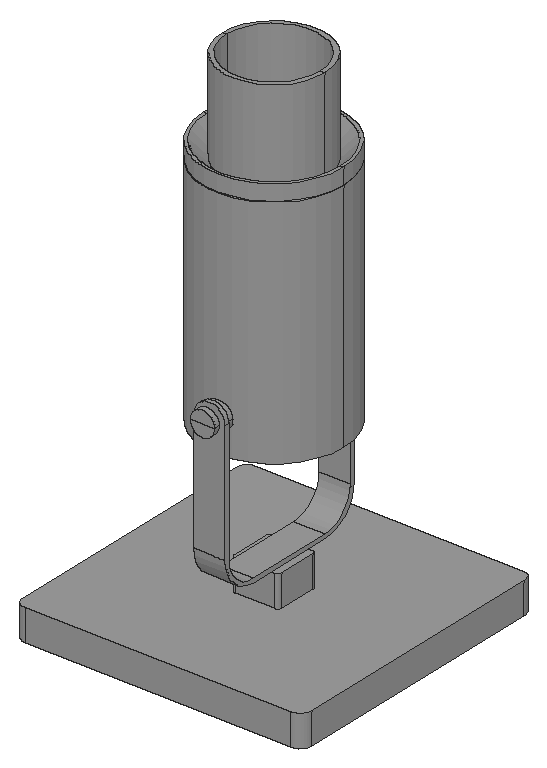
Revit family "Alcon-13340-SM-M-Revit-Family", category Generic Models, host Face, Revit 2023
Family settings
  Host = Face
  Can host rebar = No
  Round Connector Dimension = Use Diameter
  Part Type = Normal
  Cut with Voids When Loaded = No
  Maintain Annotation Orientation = No
  Shared = No
  Room Calculation Point = No
Parameters (values of type "Square Canopy and Snoot")
  URL = "https://www.alconlighting.com/"
  Square Canopy = yes
  Round Canopy = no
  Product Page = "https://www.alconlighting.com/13340-m-sm.html"
  Model = "13340-SM-M"
  Manufacturer = "Alcon Ligthing"
  Snoot = yes
  Louver = no
  Housing = Housing
  Fixture Rotation = 90.00°
  Default Elevation = 4' - 0"
Types (7): name | Square Canopy | Round Canopy | Snoot | Louver
  (no name) | yes | no | yes | no
  Round Canopy | no | yes | no | no
  Square Canopy | yes | no | no | no
  Round Canopy and Louver | no | yes | no | yes
  Round Canopy and Snoot | no | yes | yes | no
  Square Canopy and Louver | yes | no | no | yes
  Square Canopy and Snoot | yes | no | yes | no
Reference planes (in)
  plane 1 "Center (Front/Back)": y = 0
  plane 2: z = 0
  plane 3 "Center (Left/Right)": x = 0
Forms (in)
  Extrusion 1, solid, material "Housing" <- "Housing"
    sketch origin (-0.375, 0, 0.5) x (1, 0, 0) y (0, 1, 0)
      loop
        line (0.0625, -0.375) -> (0.6875, -0.375)
        arc (0.6875, -0.375) -> (0.73169, -0.35669) -> (0.75, -0.3125) r 0.0625
        line (0.75, -0.3125) -> (0.75, 0.3125)
        arc (0.75, 0.3125) -> (0.73169, 0.35669) -> (0.6875, 0.375) r 0.0625
        line (0.6875, 0.375) -> (0.0625, 0.375)
        arc (0.0625, 0.375) -> (0.01831, 0.35669) -> (0, 0.3125) r 0.0625
        line (0, 0.3125) -> (0, -0.3125)
        arc (0, -0.3125) -> (0.01831, -0.35669) -> (0.0625, -0.375) r 0.0625
    from 0 to 0.5
  Extrusion 2, solid, material "Housing" <- "Housing", visible <- "Round Canopy"
    sketch origin (-0.375, 0, 0) x (1, 0, 0) y (0, 1, 0)
      loop
        circle (0.375, 0) r 2.5
    from 0 to 0.5
  Extrusion 3, solid, material "Housing" <- "Housing", visible <- "Square Canopy"
    sketch origin (0, 0, 0) x (1, 0, 0) y (0, 1, 0)
      loop
        line (-2.125, -2.3125) -> (2.125, -2.3125)
        arc (2.125, -2.3125) -> (2.25758, -2.25758) -> (2.3125, -2.125) r 0.1875
        line (2.3125, -2.125) -> (2.3125, 2.125)
        arc (2.3125, 2.125) -> (2.25758, 2.25758) -> (2.125, 2.3125) r 0.1875
        line (2.125, 2.3125) -> (-2.125, 2.3125)
        arc (-2.125, 2.3125) -> (-2.25758, 2.25758) -> (-2.3125, 2.125) r 0.1875
        line (-2.3125, 2.125) -> (-2.3125, -2.125)
        arc (-2.3125, -2.125) -> (-2.25758, -2.25758) -> (-2.125, -2.3125) r 0.1875
    from 0 to 0.5
  Extrusion 4, solid, material "Housing" <- "Housing"
    sketch origin (0, 0, 0) x (0, 1, 0) y (0, 0, 1)
      loop
        line (1.28516, 3.75391) -> (1.22266, 3.75391) -> (1.22266, 1.5625)
        arc (1.22266, 1.5625) -> (1.07621, 1.20895) -> (0.72266, 1.0625) r 0.5
        line (0.72266, 1.0625) -> (-0.72266, 1.0625)
        arc (-0.72266, 1.0625) -> (-1.07621, 1.20895) -> (-1.22266, 1.5625) r 0.5
        line (-1.22266, 1.5625) -> (-1.22266, 3.75391) -> (-1.28516, 3.75391) -> (-1.28516, 1.5625)
        arc (-1.28516, 1.5625) -> (-1.1204, 1.16475) -> (-0.72266, 1) r 0.5625
        line (-0.72266, 1) -> (0.72266, 1)
        arc (0.72266, 1) -> (1.1204, 1.16475) -> (1.28516, 1.5625) r 0.5625
        line (1.28516, 1.5625) -> (1.28516, 3.75391)
    from -0.25 to 0.25
  Extrusion 5, void
    sketch origin (0, 0, 0) x (1, 0, 0) y (0, 0, 1)
      loop
        line (-0.25, 3.75391) -> (-0.25, 3.49819)
        arc (-0.25, 3.49819) -> (0, 3.74819) -> (0.25, 3.49819) r 0.25
        line (0.25, 3.49819) -> (0.25, 3.75391) -> (-0.25, 3.75391)
    from -1.28516 to 1.28516
Cuts and joins
  Extrusion 5 cuts Extrusion 4
Lines and regions (in)
  reference lines
    curve 1: line (-2.5, 0, 3.49819) -> (2.5, 0, 3.49819)
Dimensions and locks (in)
  "Fixture Rotation": angle curve 1 to nested 1
  aligned and locked: plane 2 to host face
  aligned and locked: level to host face
  aligned and locked: Extrusion 4 to Extrusion 5
  aligned and locked: Extrusion 5 to Extrusion 4
Automatic sketch dimensions
  host sketch curve to host sketch curve = 8' - 0"  (x2)
  Extrusion 1 sketch curve to Extrusion 1 sketch curve = 0' - 0 1/16"  (x3)
  Extrusion 1 sketch curve to Extrusion 1 sketch curve = 0' - 0 5/8"  (x2)
  Extrusion 1 sketch curve to Extrusion 1 sketch curve = 0' - 0"
  plane 1 "Center (Front/Back)" to Extrusion 2 sketch curve = 0' - 0"
  Extrusion 2 sketch curve to plane 3 "Center (Left/Right)" = 0' - 0"
  Extrusion 3 sketch curve to plane 3 "Center (Left/Right)" = 0' - 2 5/16"
  Extrusion 3 sketch curve to Extrusion 3 sketch curve = 0' - 0 3/16"  (x3)
  plane 3 "Center (Left/Right)" to Extrusion 3 sketch curve = 0' - 2 1/8"  (x2)
  plane 1 "Center (Front/Back)" to Extrusion 3 sketch curve = 0' - 2 5/16"
  Extrusion 3 sketch curve to plane 1 "Center (Front/Back)" = 0' - 2 1/8"
  Extrusion 4 sketch curve to Extrusion 4 sketch curve = 0' - 0"  (x4)
  plane 1 "Center (Front/Back)" to Extrusion 4 sketch curve = 0' - 1 73/256"
  Extrusion 4 sketch curve to Extrusion 4 sketch curve = 0' - 0 1/16"
  Extrusion 4 sketch curve to Extrusion 4 sketch curve = 0' - 0 1/2"
  Extrusion 4 sketch curve to plane 1 "Center (Front/Back)" = 0' - 0 185/256"
  Extrusion 4 sketch curve to plane 1 "Center (Front/Back)" = 0' - 1 57/256"
  level to Extrusion 4 sketch curve = 0' - 1"
  Extrusion 4 sketch curve to Extrusion 4 sketch curve = 0' - 2 49/256"  (x2)
  Extrusion 5 sketch curve to plane 3 "Center (Left/Right)" = 0' - 0"
  Extrusion 5 sketch curve to plane 3 "Center (Left/Right)" = 0' - 0 1/4"
  plane 3 "Center (Left/Right)" to Extrusion 5 sketch curve = 0' - 0 1/4"
  level to Extrusion 5 sketch curve = 0' - 3.49819"
  Extrusion 5 sketch curve to Extrusion 5 sketch curve = 0' - 0.25572"
  Extrusion 5 sketch curve to Extrusion 5 sketch curve = 0' - 0"  (x3)
  curve 1 to plane 3 "Center (Left/Right)" = 0' - 2 1/2"
  level to curve 1 = 0' - 3.49819"
  plane 3 "Center (Left/Right)" to curve 1 = 0' - 2 1/2"
  radius of Extrusion 2 sketch curve = 0' - 2 1/2"
Nested families (in)
  nested 1: "Alcon-13340-SM-M-Housing-Revit-Family" at (0, 0, 3.49819) x (0, 0, -1) z (0, -1, 0), type "Alcon-13340-SM-M-Housing-Revit-Family"
    with built-in parameter 1001306 0.3125 (stored number, unit not read)
  nested 2: "Alcon-13340-SM-M-Louver-Revit-Family" at (0, 0, 0), visible <- "Louver", type "Alcon-13340-SM-M-Louver-Revit-Family"
  nested 3: "Alcon-13340-SM-M-Snoot-Revit-Family" at (0, 0, 0), visible <- "Snoot", type "Alcon-13340-SM-M-Snoot-Revit-Family"
  nested 4: "Alcon-13340-SM-M-IES-Revit-Family" at (0, 0, 6.34975), type "Alcon-13340-SM-M-IES-Revit-Family"
Definition of nested family "Alcon-13340-SM-M-Housing-Revit-Family"
  Parameters (values of type "Alcon-13340-SM-M-Housing-Revit-Family")
    built-in parameter 1001306 [instance] = 4' - 0"
    Housing = none
    Default Elevation = 0' - 0"
  Reference planes (in)
    plane 1 "Center (Front/Back)": y = 0
    plane 2: z = 0
    plane 3 "Left": x = 0
    plane 4 "Right": x = 48
  Forms (in)
    Revolve 1, solid, material <- "Housing"
      sketch origin (0.56641, 0, 0) x (1, 0, 0) y (0, 1, 0)
        loop
          line (0, 0) -> (0, 1.125) -> (-3.75, 1.125) -> (-3.75, 1.04687) -> (-3.41797, 1.04687) -> (-3.41797, 0.93359) -> (-1.04038, 0.93359) -> (-1.04038, 0) -> (0, 0)
        axis (0, 0) -> (-3.75, 0)
      angle from 0 to 360
    Extrusion 2, solid
      sketch origin (-2.85156, 0, 0) x (0, 1, 0) y (0, 0, -1)
        loop
          circle (0, 0) r 0.93359
      from 0 to -0.0625
    Revolve 3, solid, material <- "Housing"
      sketch origin (0, 0, 0) x (0, 1, 0) y (0, 0, 1)
        loop
          line (0, 1.42578) -> (-0.19531, 1.42578) -> (-0.19531, 1.34375) -> (-0.08594, 1.34375) -> (-0.08594, 1.21094) -> (-0.21875, 1.21094) -> (-0.21875, -1.21094) -> (-0.08594, -1.21094) -> (-0.08594, -1.34375) -> (-0.19531, -1.34375) -> (-0.19531, -1.42578) -> (0, -1.42578) -> (0, 1.42578)
        axis (0, 1.42578) -> (0, -1.42578)
      angle from 0 to 360
  Lines and regions (in)
    reference lines
      curve 1: line (0, 0, 0) -> (48, 0, 0)
    model lines
      curve 2: line (0, 0, 0) -> (-33.25, 0, 0)
  Dimensions and locks (in)
    "built-in parameter 1001306": plane 3 "Left" to plane 4 "Right"
    aligned and locked: plane 4 "Right" to curve 1
    aligned and locked: plane 1 "Center (Front/Back)" to curve 1
    aligned and locked: plane 3 "Left" to curve 1
    aligned and locked: level to plane 2
  Automatic sketch dimensions
    plane 1 "Center (Front/Back)" to Revolve 1 sketch curve = 0' - 0"  (x2)
    plane 3 "Left" to Revolve 1 sketch curve = 0' - 0 145/256"
    Revolve 1 sketch curve to plane 3 "Left" = 0' - 0.47397"
    Revolve 1 sketch curve to plane 1 "Center (Front/Back)" = 0' - 1 3/64"
    Revolve 1 sketch curve to Revolve 1 sketch curve = 0' - 2.37759"
    Revolve 1 sketch curve to Revolve 1 sketch curve = 0' - 0 85/256"
    Revolve 1 sketch curve to Revolve 1 sketch curve = 0' - 0 29/256"
    Revolve 1 sketch curve to Revolve 1 sketch curve = 0' - 0 5/64"
    Revolve 1 sketch curve to Revolve 1 sketch curve = 0' - 0.15103"
    Revolve 1 sketch curve to Revolve 1 sketch curve = 0' - 0.82971"
    Extrusion 2 sketch curve to Revolve 1 = 0' - 0"  (x2)
    Revolve 3 sketch curve to plane 1 "Center (Front/Back)" = 0' - 0"
    plane 1 "Center (Front/Back)" to Revolve 3 sketch curve = 0' - 0 11/128"  (x2)
    Revolve 3 sketch curve to Revolve 3 sketch curve = 0' - 0 7/64"  (x2)
    Revolve 3 sketch curve to Revolve 3 sketch curve = 0' - 0 17/128"  (x3)
    Revolve 3 sketch curve to level = 0' - 1 109/256"
    Revolve 3 sketch curve to Revolve 3 sketch curve = 0' - 0 21/256"  (x2)
    level to Revolve 3 sketch curve = 0' - 1 27/128"
    plane 1 "Center (Front/Back)" to curve 2 = 0' - 0"
    curve 2 to plane 3 "Left" = 0' - 0"
    curve 2 to curve 2 = 2' - 9 1/4"
    radius of Extrusion 2 sketch curve to Revolve 1 = 0' - 0"
Definition of nested family "Alcon-13340-SM-M-Louver-Revit-Family"
  Parameters
    Louver = yes
    Housing = none
    Default Elevation = 4' - 0"
  Reference planes (in)
    plane 1 "Center (Front/Back)": y = 0
    plane 2: z = 0
    plane 3 "Center (Left/Right)": x = 0
  Forms (in)
    Extrusion 1, solid
      sketch origin (0, 0, 0) x (1, 0, 0) y (0, 1, 0)
        loop
          line (-48, 48) -> (-48, -48) -> (48, -48) -> (48, 48) -> (-48, 48)
      from 0 to -12
    Revolve 2, solid, material <- "Housing", visible <- "Louver"
      sketch origin (0, 0, 0) x (1, 0, 0) y (0, 0, 1)
        loop
          line (1.125, 6.94958) -> (1.05078, 6.94958) -> (0.99672, 6.7738) -> (0.95688, 6.7738) -> (0.95688, 6.37014) -> (1.0311, 6.37014) -> (1.0311, 6.69958) -> (1.125, 6.69958) -> (1.125, 6.94958)
        axis (0, 6.37014) -> (0, 6.94958)
      angle from 0 to 360
    Extrusion 3, solid, material <- "Housing"
      sketch origin (0, 0, 6.7738) x (1, 0, 0) y (0, 1, 0)
        loop
          arc (0.95688, 0.00238) -> (0.95436, 0.06932) -> (0.94718, 0.13592) r 0.95688
          line (0.94718, 0.13592) -> (0.86579, -0.00505) -> (0.62858, -0.00505) -> (0.50997, 0.20038) -> (0.62858, 0.40581) -> (0.86657, 0.40581)
          arc (0.86657, 0.40581) -> (0.84257, 0.45354) -> (0.81594, 0.49986) r 0.95688
          line (0.81594, 0.49986) -> (0.62858, 0.49986) -> (0.50997, 0.70529) -> (0.55344, 0.78059)
          arc (0.55344, 0.78059) -> (0.51544, 0.80619) -> (0.47625, 0.82994) r 0.95688
          line (0.47625, 0.82994) -> (0.43289, 0.75485) -> (0.19568, 0.75485) -> (0.08102, 0.95344)
          arc (0.08102, 0.95344) -> (-0.14327, 0.94609) -> (-0.35969, 0.8867) r 0.95688
          line (-0.35969, 0.8867) -> (-0.43289, 0.7599) -> (-0.58152, 0.7599)
          arc (-0.58152, 0.7599) -> (-0.74318, 0.60274) -> (-0.86359, 0.41211) r 0.95688
          line (-0.86359, 0.41211) -> (-0.74718, 0.21049) -> (-0.86579, 0.00505) -> (-0.95687, 0.00505)
          arc (-0.95687, 0.00505) -> (-0.95596, -0.04202) -> (-0.95273, -0.089) r 0.95688
          line (-0.95273, -0.089) -> (-0.86579, -0.089) -> (-0.74718, -0.29443) -> (-0.84086, -0.45669)
          arc (-0.84086, -0.45669) -> (-0.81479, -0.50172) -> (-0.78632, -0.54527) r 0.95688
          line (-0.78632, -0.54527) -> (-0.67011, -0.34399) -> (-0.43289, -0.34399) -> (-0.31429, -0.54942) -> (-0.43289, -0.75485) -> (-0.58806, -0.75485)
          arc (-0.58806, -0.75485) -> (-0.51497, -0.80649) -> (-0.43737, -0.85107) r 0.95688
          arc (-0.43737, -0.85107) -> (-0.3672, -0.88362) -> (-0.29462, -0.91039) r 0.95688
          line (-0.29462, -0.91039) -> (-0.35582, -0.8044) -> (-0.23721, -0.59897) -> (0, -0.59897) -> (0.11861, -0.8044) -> (0.03086, -0.95638)
          arc (0.03086, -0.95638) -> (0.08679, -0.95293) -> (0.14241, -0.94622) r 0.95688
          line (0.14241, -0.94622) -> (0.19568, -0.85396) -> (0.43171, -0.85396)
          arc (0.43171, -0.85396) -> (0.47127, -0.83278) -> (0.50979, -0.80977) r 0.95688
          line (0.50979, -0.80977) -> (0.62858, -0.60403) -> (0.74214, -0.60403)
          arc (0.74214, -0.60403) -> (0.77732, -0.55802) -> (0.80966, -0.50997) r 0.95688
          line (0.80966, -0.50997) -> (0.62858, -0.50997) -> (0.50997, -0.30454) -> (0.62858, -0.09911) -> (0.86579, -0.09911) -> (0.93249, -0.21465)
          arc (0.93249, -0.21465) -> (0.94724, -0.13549) -> (0.95527, -0.05538) r 0.95688
          arc (0.95527, -0.05538) -> (0.95651, -0.02651) -> (0.95688, 0.00238) r 0.95688
        loop
          line (0.07708, -0.55447) -> (0.19568, -0.7599) -> (0.43289, -0.7599) -> (0.5515, -0.55447) -> (0.43289, -0.34904) -> (0.19568, -0.34904) -> (0.07708, -0.55447)
        loop
          line (-0.35582, -0.29949) -> (-0.23721, -0.50492) -> (0, -0.50492) -> (0.11861, -0.29949) -> (0, -0.09406) -> (-0.23721, -0.09406) -> (-0.35582, -0.29949)
        loop
          line (0.07708, -0.04956) -> (0.19568, -0.25499) -> (0.43289, -0.25499) -> (0.5515, -0.04956) -> (0.43289, 0.15588) -> (0.19568, 0.15588) -> (0.07708, -0.04956)
        loop
          line (-0.78871, -0.0445) -> (-0.67011, -0.24993) -> (-0.43289, -0.24993) -> (-0.31429, -0.0445) -> (-0.43289, 0.16093) -> (-0.67011, 0.16093) -> (-0.78871, -0.0445)
        loop
          line (-0.35582, 0.20543) -> (-0.23721, 0) -> (0, 0) -> (0.11861, 0.20543) -> (0, 0.41086) -> (-0.23721, 0.41086) -> (-0.35582, 0.20543)
        loop
          line (0.07708, 0.45536) -> (0.19568, 0.24993) -> (0.43289, 0.24993) -> (0.5515, 0.45536) -> (0.43289, 0.66079) -> (0.19568, 0.66079) -> (0.07708, 0.45536)
        loop
          line (-0.78871, 0.46042) -> (-0.67011, 0.25499) -> (-0.43289, 0.25499) -> (-0.31429, 0.46042) -> (-0.43289, 0.66585) -> (-0.67011, 0.66585) -> (-0.78871, 0.46042)
        loop
          line (-0.35582, 0.71035) -> (-0.23721, 0.50492) -> (0, 0.50492) -> (0.11861, 0.71035) -> (0, 0.91578) -> (-0.23721, 0.91578) -> (-0.35582, 0.71035)
      from -0.07422 to 0
  Dimensions and locks (in)
    aligned and locked: plane 2 to Extrusion 1
    aligned and locked: level to Extrusion 1
    aligned and locked: Extrusion 3 sketch curve to Revolve 2
    aligned and locked: Revolve 2 to Extrusion 3
Definition of nested family "Alcon-13340-SM-M-Snoot-Revit-Family"
  Parameters
    Louver = yes
    Housing = none
    Default Elevation = 4' - 0"
  Reference planes (in)
    plane 1 "Center (Front/Back)": y = 0
    plane 2: z = 0
    plane 3 "Center (Left/Right)": x = 0
  Forms (in)
    Extrusion 1, solid
      sketch origin (0, 0, 0) x (1, 0, 0) y (0, 1, 0)
        loop
          line (-48, 48) -> (-48, -48) -> (48, -48) -> (48, 48) -> (-48, 48)
      from 0 to -12
    Revolve 2, solid, material <- "Housing", visible <- "Louver"
      sketch origin (0, 0, 0) x (1, 0, 0) y (0, 0, 1)
        loop
          line (0.75, 8.19958) -> (0.75, 6.62536) -> (0.95688, 6.62536) -> (0.95688, 6.37014) -> (1.0311, 6.37014) -> (1.0311, 6.69958) -> (1.125, 6.69958) -> (1.125, 6.94958) -> (1.07422, 6.94958) -> (0.82422, 6.69958) -> (0.82422, 8.19958) -> (0.75, 8.19958)
        axis (0, 6.37014) -> (0, 8.19958)
      angle from 0 to 360
  Dimensions and locks (in)
    aligned and locked: plane 2 to Extrusion 1
    aligned and locked: level to Extrusion 1
Definition of nested family "Alcon-13340-SM-M-IES-Revit-Family"
  Parameters (values of type "Alcon-13340-SM-M-IES-Revit-Family")
    Wattage = 9.2903 W
    built-in parameter 1150110 = 1 (stored number, unit not read)
    built-in parameter 1114217 = 1 (stored number, unit not read)
    Tilt Angle = 90.00°
    built-in parameter 1150109 = 1 (stored number, unit not read)
    built-in parameter 1150134 = 3
    built-in parameter 1150113 = 1 (stored number, unit not read)
    Photometric Web File = "Alcon-13340-MD-IES.ies"
    built-in parameter 1150105 = 109.82 (stored number, unit not read)
    Lumens = 1380 lm
    built-in parameter 1150115 = 1 (stored number, unit not read)
    built-in parameter 1150137 = (empty or 0)
    built-in parameter 1150139 = (empty or 0)
    built-in parameter 1150112 = 1 (stored number, unit not read)
    built-in parameter 1150114 = 1 (stored number, unit not read)
    built-in parameter 1150132 = 2
    built-in parameter 1150102 = (empty or 0)
    built-in parameter 1150107 = 3200 (stored number, unit not read)
    built-in parameter 1150138 = (empty or 0)
    built-in parameter 1150106 = 1.0982 (stored number, unit not read)
    Emit from Circle Diameter = 0' - 1 111/128"
    Emit Shape Visible in Rendering = yes
    built-in parameter 1150104 = 13.8 (stored number, unit not read)
    Dimming Lamp Color Temperature Shift = (empty or 0)
    Default Elevation = 4' - 0"
    Color Filter = 16777215
    built-in parameter 1114218 = 1 (stored number, unit not read)
    built-in parameter 1150133 = 10 (stored number, unit not read)
  Reference planes (in)
    plane 1 "Center (Front/Back)": y = 0
    plane 2: z = 0
    plane 3 "Center (Left/Right)": x = 0
  Forms (in)
    Extrusion 1, solid
      sketch origin (0, 0, 0) x (1, 0, 0) y (0, 1, 0)
        loop
          line (-48, 48) -> (-48, -48) -> (48, -48) -> (48, 48) -> (-48, 48)
      from 0 to -12
  Dimensions and locks (in)
    aligned and locked: plane 2 to Extrusion 1
    aligned and locked: level to Extrusion 1
